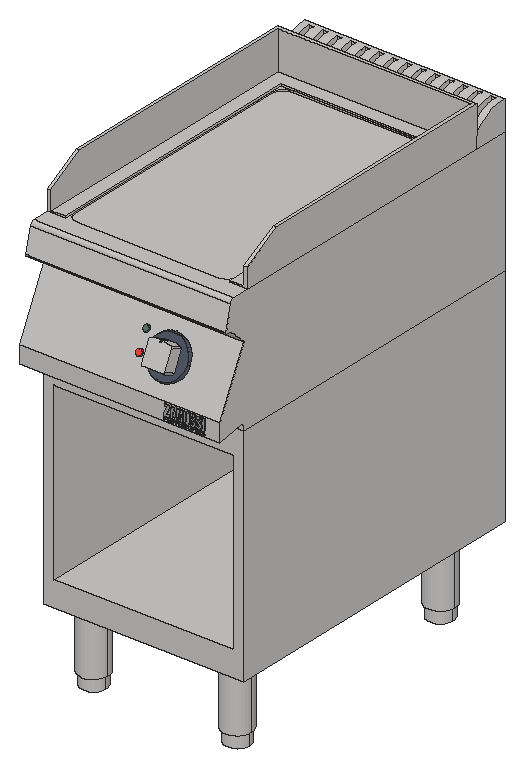
Revit family "QF_ZANUSSI_372338_Z7IIKABLMCA", category Specialty Equipment, Revit 2018
Family settings
  Round Connector Dimension = Use Diameter
  Part Type = Normal
  Work Plane-Based = No
  Always vertical = Yes
  Cut with Voids When Loaded = No
  Shared = No
  Room Calculation Point = No
Parameters (values of type "Standard")
  Weight = 50.00 kg
  Watts = 0 W
  Volts = 0 V
  URL Manufacturer = "http://www.zanussiprofessional.com"
  URL = "http://www.zanussiprofessional.com"
  Steam Supply Size = 0"
  Steam Supply Minimum Pressure = 0.00 psi
  Steam Supply Maximum Pressure = 0.00 psi
  Steam Pounds per Hour = 0
  Show Logo [instance] = yes
  Show Clearance [instance] = yes
  Refrigeration Suction Line Size = 0"
  Refrigeration Liquid Line Size = 0"
  Refrigerant Compressor Remote = yes
  Phase = 0
  Model = "Z7IIKABLMCA"
  Manufacturer = "Zanussi"
  Length Actual = 400.00 mm  # constant formula
  Item Number = "372338"
  Hot Water Size = 0"
  Height Actual = 850.00 mm  # constant formula
  HP = "0 HP"
  Gas Size = 1/2"
  Gas KW = 7
  Gas Input Pressure = 0.234579 Btu/h
  Direct Waste Size = 0"
  Description = "GAS FRY TOP-SMOOTH PLATE+OPEN BASE 400MM-BRUSHED CHROME"
  Depth Actual = 700.00 mm  # constant formula
  Cycle = 0 Hz
  Condensate Return Size = 0"
  Compressed Air Volume = 0 GPM
  Compressed Air Size = 0"
  Compressed Air Pressure = 0.00 psi
  Cold Water Size = 0"
  Assembly Code = ""
  Accessory = yes
Reference planes
  plane 1 "BACK": y = 0
  plane 2: z = 0
  plane 3 "LEFT": x = 0
  plane 4 "RIGHT": x = 400
  plane 5 "FRONT": y = -715
  plane 6 "TOP": z = 288.925
  plane 7 "Center Y": x = 200
  plane 8 "Center X": y = -357.5
  plane 9 "BASE": z = 600
  plane 10 "TOP A": z = 850
  plane 11: y = -597.884
  plane 12: y = -147.637
  plane 13: z = 930
  plane 14: through (-6096, -715, 65.146) normal (0, 0.8956, -0.4448)
  plane 15 "panel": through (-6096, -655.161, 185.641) normal (0, -0.8956, 0.4448)
  plane 16: z = 850
Forms (mm)
  Extrusion 1, solid, material "QF_Finishes_Stainless Steel"
    sketch origin (0, 0, 576) x (0, 1, 0) y (0, 0, 1)
      loop
        line (0, 24) -> (0, 273) -> (-679.358, 273)
        arc (-679.358, 273) -> (-684.643, 270.811) -> (-686.833, 265.526) r 7.474
        line (-686.833, 265.526) -> (-699.884, 220.011)
        arc (-699.884, 220.011) -> (-699.396, 217.379) -> (-697, 216.184) r 3
        line (-697, 216.184) -> (-686.802, 216.184) -> (-654.982, 184.364) -> (-715, 64.508) -> (-715, 29.508) -> (-658.645, 37.428)
        arc (-658.645, 37.428) -> (-656.101, 36.674) -> (-655, 34.259) r 3.2
        line (-655, 34.259) -> (-655, 24) -> (0, 24)
    from 0 to 400
  Extrusion 2, void
    sketch origin (0, -2.381, 850) x (-1, 0, 0) y (0, -1, 0)
      loop
        arc (-60.425, 102.504) -> (-42.464, 109.943) -> (-35.025, 127.904) r 25.4
        line (-35.025, 127.904) -> (-35.025, 617.104)
        arc (-35.025, 617.104) -> (-42.464, 635.064) -> (-60.425, 642.504) r 25.4
        line (-60.425, 642.504) -> (-339.575, 642.504)
        arc (-339.575, 642.504) -> (-357.536, 635.064) -> (-364.975, 617.104) r 25.4
        line (-364.975, 617.104) -> (-364.975, 127.904)
        arc (-364.975, 127.904) -> (-357.536, 109.943) -> (-339.575, 102.504) r 25.4
        line (-339.575, 102.504) -> (-60.425, 102.504)
    from 0 to -3.2
  Extrusion 3, solid, material "QF_Finishes_Clearance", visible <- "Show Clearance", detail levels coarse
    sketch origin (0, 0, 575) x (1, 0, 0) y (0, 1, 0)
      loop
        line (0, -715) -> (0, 0) -> (400, 0) -> (400, -715) -> (500, -715) -> (500, 100) -> (-100, 100) -> (-100, -715) -> (0, -715)
    from -575 to 355
  Extrusion 4, solid, material "QF_Finishes_Stainless Steel"
    sketch origin (0, 0, 576) x (0, 1, 0) y (0, 0, 1)
      loop
        line (0, 274) -> (0, 333.13)
        arc (0, 333.13) -> (-38.824, 324.814) -> (-69.85, 300.038) r 86.548
        line (-69.85, 300.038) -> (-69.85, 274) -> (0, 274)
    from 0 to 400.05
  Extrusion 5, void
    sketch origin (0, 0, 850.638) x (-1, 0, 0) y (0, -1, 0)
      loop
        line (-13.453, 6.761) -> (-13.453, 63.911) -> (-22.749, 63.911) -> (-22.749, 6.761) -> (-13.453, 6.761)
    from 25.4 to 63.5
  Extrusion 6, void
    sketch origin (400.05, 0, 850.638) x (1, 0, 0) y (0, 1, 0)
      loop
        line (-13.503, -6.761) -> (-22.799, -6.761) -> (-22.799, -63.911) -> (-13.503, -63.911) -> (-13.503, -6.761)
    from 25.4 to 63.5
  Extrusion 7, void
    sketch origin (27.988, 0, 850.638) x (-1, 0, 0) y (0, -1, 0)
      loop
        line (-13.453, 6.761) -> (-13.453, 63.911) -> (-22.749, 63.911) -> (-22.749, 6.761) -> (-13.453, 6.761)
    from 25.4 to 63.5
  Extrusion 8, void
    sketch origin (55.977, 0, 850.638) x (-1, 0, 0) y (0, -1, 0)
      loop
        line (-13.453, 6.761) -> (-13.453, 63.911) -> (-22.749, 63.911) -> (-22.749, 6.761) -> (-13.453, 6.761)
    from 25.4 to 63.5
  Extrusion 9, void
    sketch origin (83.965, 0, 850.638) x (-1, 0, 0) y (0, -1, 0)
      loop
        line (-13.428, 6.761) -> (-13.428, 63.911) -> (-22.724, 63.911) -> (-22.724, 6.761) -> (-13.428, 6.761)
    from 25.4 to 63.5
  Extrusion 10, void
    sketch origin (111.953, 0, 850.638) x (-1, 0, 0) y (0, -1, 0)
      loop
        line (-13.428, 6.761) -> (-13.428, 63.911) -> (-22.724, 63.911) -> (-22.724, 6.761) -> (-13.428, 6.761)
    from 25.4 to 63.5
  Extrusion 11, void
    sketch origin (139.942, 0, 850.638) x (-1, 0, 0) y (0, -1, 0)
      loop
        line (-13.428, 6.761) -> (-13.428, 63.911) -> (-22.724, 63.911) -> (-22.724, 6.761) -> (-13.428, 6.761)
    from 25.4 to 63.5
  Extrusion 12, void
    sketch origin (167.93, 0, 850.638) x (-1, 0, 0) y (0, -1, 0)
      loop
        line (-13.428, 6.761) -> (-13.428, 63.911) -> (-22.724, 63.911) -> (-22.724, 6.761) -> (-13.428, 6.761)
    from 25.4 to 63.5
  Extrusion 13, void
    sketch origin (195.918, 0, 850.638) x (-1, 0, 0) y (0, -1, 0)
      loop
        line (-13.428, 6.761) -> (-13.428, 63.911) -> (-22.724, 63.911) -> (-22.724, 6.761) -> (-13.428, 6.761)
    from 25.4 to 63.5
  Extrusion 14, void
    sketch origin (223.907, 0, 850.638) x (-1, 0, 0) y (0, -1, 0)
      loop
        line (-13.428, 6.761) -> (-13.428, 63.911) -> (-22.724, 63.911) -> (-22.724, 6.761) -> (-13.428, 6.761)
    from 25.4 to 63.5
  Extrusion 15, void
    sketch origin (251.895, 0, 850.638) x (-1, 0, 0) y (0, -1, 0)
      loop
        line (-13.428, 6.761) -> (-13.428, 63.911) -> (-22.724, 63.911) -> (-22.724, 6.761) -> (-13.428, 6.761)
    from 25.4 to 63.5
  Extrusion 16, void
    sketch origin (279.884, 0, 850.638) x (-1, 0, 0) y (0, -1, 0)
      loop
        line (-13.403, 6.761) -> (-13.403, 63.911) -> (-22.699, 63.911) -> (-22.699, 6.761) -> (-13.403, 6.761)
    from 25.4 to 63.5
  Extrusion 17, void
    sketch origin (307.872, 0, 850.638) x (-1, 0, 0) y (0, -1, 0)
      loop
        line (-13.403, 6.761) -> (-13.403, 63.911) -> (-22.699, 63.911) -> (-22.699, 6.761) -> (-13.403, 6.761)
    from 25.4 to 63.5
  Extrusion 18, void
    sketch origin (335.86, 0, 850.638) x (-1, 0, 0) y (0, -1, 0)
      loop
        line (-13.403, 6.761) -> (-13.403, 63.911) -> (-22.699, 63.911) -> (-22.699, 6.761) -> (-13.403, 6.761)
    from 25.4 to 63.5
  Sweep 19, solid, material "QF_Finishes_Stainless Steel"
    path origin (0, -2.381, 850) x (-1, 0, 0) y (0, -1, 0)
      loop
        line (-364.975, 642.504) -> (-364.975, 102.504) -> (-35.025, 102.504) -> (-35.025, 642.504)
    profile origin (35.025, -374.885, 850) x (1, 0, 0) y (0, 0, 1)
      loop
        line (-35.025, 0) -> (0, 0) -> (0, 3.175) -> (-28.675, 3.175) -> (-28.675, 80) -> (-35.025, 80) -> (-35.025, 0)
  Extrusion 20, void
    sketch origin (0, -69.86, 850) x (0, 1, 0) y (0, 0, 1)
      loop
        line (-575.025, 40.481) -> (-501.995, 80) -> (-575.025, 80) -> (-575.025, 40.481)
    from 0 to 6.35
  Extrusion 21, void
    sketch origin (400, -644.885, 850) x (0, -1, 0) y (0, 0, 1)
      loop
        line (0, 40.481) -> (0, 80) -> (-73.03, 80) -> (0, 40.481)
    from 0 to 6.35
  Blend 22, solid, material "QF_Finishes_Navy Blue"
    base sketch origin (275, -684.991, 701.574) x (1, 0, 0) y (0, 0.444781, 0.895639)
      loop
        circle (0, 0) r 42.5
    top sketch origin (275, -684.991, 701.574) x (1, 0, 0) y (0, 0.444781, 0.895639)
      loop
        circle (0, 0) r 40.5
    from 0 to 5
  Extrusion 23, solid, material "QF_Finishes_Stainless Steel"
    sketch origin (275, -684.991, 701.574) x (1, 0, 0) y (0, 0.444781, 0.895639)
      loop
        arc (-21.147, 22.789) -> (-22.494, 21.685) -> (-23, 20.019) r 2.997
        line (-23, 20.019) -> (-23, -20.019)
        arc (-23, -20.019) -> (-22.122, -22.138) -> (-20.003, -23.016) r 2.997
        line (-20.003, -23.016) -> (20.003, -23.016)
        arc (20.003, -23.016) -> (22.122, -22.138) -> (23, -20.019) r 2.997
        line (23, -20.019) -> (23, 20.019)
        arc (23, 20.019) -> (22.494, 21.685) -> (21.147, 22.789) r 2.997
        arc (21.147, 22.789) -> (0, 26.984) -> (-21.147, 22.789) r 55.4
    from 10 to 34
  Extrusion 24, solid, material "QF_Plastic-Black-Matte"
    sketch origin (355, -684.991, 701.574) x (0, 0.444781, 0.895639) y (0, -0.895639, 0.444781)
      loop
        line (26.984, 34) -> (26.984, 19) -> (27.984, 19) -> (27.984, 34)
        arc (27.984, 34) -> (27.691, 34.707) -> (26.984, 35) r 1
        line (26.984, 35) -> (23.984, 35) -> (23.984, 34) -> (26.984, 34)
    from -81 to -79
  Extrusion 25, solid, material "QF_Finishes_Red"
    sketch origin (275, -689.439, 692.617) x (1, 0, 0) y (0, 0.444781, 0.895639)
      loop
        circle (-55.001, 0) r 6
    from 0 to 1.6
  Extrusion 26, solid, material "QF_Finishes_Stainless Steel"
    sketch origin (275, -684.991, 701.574) x (1, 0, 0) y (0, 0.444781, 0.895639)
      loop
        line (17.5, 17.5) -> (-17.5, 17.5) -> (-17.5, -17.5) -> (17.5, -17.5) -> (17.5, 17.5)
    from 5 to 10
  Extrusion 27, solid, material "QF_Finishes_DarkGreen"
    sketch origin (275, -671.648, 728.443) x (1, 0, 0) y (0, 0.444781, 0.895639)
      loop
        circle (-55.001, 0) r 6
    from 0 to 1.6
  Extrusion 28, solid, material "QF_Finishes_Stainless Steel"
    sketch origin (-404, 0, 139) x (1, 0, 0) y (0, 1, 0)
      loop
        circle (748, -506) r 10
    from 0 to 10
  Extrusion 29, solid, material "QF_Finishes_Stainless Steel"
    sketch origin (0, 0, 0) x (1, 0, 0) y (0, 1, 0)
      loop
        line (0, 0) -> (0, -655) -> (400, -655) -> (400, 0) -> (0, 0)
    from 149 to 600
  Extrusion 30, void
    sketch origin (418.77, -655, 0) x (1, 0, 0) y (0, 0, -1)
      loop
        line (-398.77, -199) -> (-398.77, -550) -> (-38.77, -550) -> (-38.77, -199) -> (-398.77, -199)
    from 0 to 507.363
Cuts and joins
  Extrusion 2 cuts Extrusion 1
  Extrusion 5, Extrusion 6, Extrusion 7, Extrusion 8, Extrusion 9, Extrusion 10, Extrusion 11, Extrusion 12, Extrusion 13, Extrusion 14, Extrusion 15, Extrusion 16, Extrusion 17, Extrusion 18 cuts Extrusion 4
  Extrusion 20, Extrusion 21 cuts Sweep 19
  Extrusion 30 cuts Extrusion 29
Lines and regions (mm)
  Split face 1
    outline origin (276.664, -684.796, 713.208) x (1, 0, 0) y (0, 0.444781, 0.895639)
      loop
        circle (-34, 0) r 1.5
  Split face 2
    outline origin (273.297, -687.581, 707.6) x (1, 0, 0) y (0, 0.444781, 0.895639)
      loop
        circle (-30.633, -14.752) r 1.5
  Split face 3
    outline origin (276.214, -689.88, 702.97) x (1, 0, 0) y (0, 0.444781, 0.895639)
      loop
        circle (-21.199, -26.582) r 1.5
  Split face 4
    outline origin (282.566, -689.848, 703.034) x (1, 0, 0) y (0, 0.444781, 0.895639)
      loop
        circle (-7.566, -33.148) r 1.5
  Split face 5
    outline origin (287.419, -686.96, 708.85) x (1, 0, 0) y (0, 0.444781, 0.895639)
      loop
        circle (7.566, -33.148) r 1.5
  Split face 6
    outline origin (286.137, -682.319, 718.196) x (1, 0, 0) y (0, 0.444781, 0.895639)
      loop
        circle (21.199, -26.582) r 1.5
  Split face 7
    outline origin (276.5, -678.264, 726.361) x (1, 0, 0) y (0, 0.444781, 0.895639)
      loop
        circle (30.633, -14.752) r 1.5
  Split face 8
    outline origin (260.985, -677.235, 728.433) x (1, 0, 0) y (0, 0.444781, 0.895639)
      loop
        circle (34, 0) r 1.5
  Split face 9
    outline origin (275, -689.469, 703.797) x (1, 0, 0) y (0, 0.444781, 0.895639)
      loop
        circle (0, 33.561) r 1.5
  symbolic lines, style "QF-Clearances", visible <- "Show Clearance", detail levels coarse
    curve 1: line (-100, 100, 850) -> (-100, -715, 850)
    curve 2: line (500, 100, 850) -> (-100, 100, 850)
    curve 3: line (500, -716.377, 850) -> (500, 100, 850)
  symbolic lines
    curve 4: line (0, 0, 850) -> (400, 0, 850)
    curve 5: line (0, -715, 850) -> (0, 0, 850)
    curve 6: line (400, 0, 850) -> (400, -715, 850)
    curve 7: line (35.025, -130.285, 850) -> (35.025, -644.885, 850)
    curve 8: arc (35.025, -619.485, 850) -> (42.464, -637.445, 850) -> (60.425, -644.885, 850) r 25.4
    curve 9: line (0, -644.885, 850) -> (35.025, -644.885, 850)
    curve 10: arc (339.575, -644.885, 850) -> (357.536, -637.445, 850) -> (364.975, -619.485, 850) r 25.4
    curve 11: line (364.975, -644.885, 850) -> (364.975, -130.285, 850)
    curve 12: line (339.575, -104.885, 850) -> (60.425, -104.885, 850)
    curve 13: line (0, -69.85, 850) -> (400, -69.85, 850)
    curve 14: arc (60.425, -104.885, 850) -> (42.464, -112.324, 850) -> (35.025, -130.285, 850) r 25.4
    curve 15: arc (339.575, -104.885, 850) -> (357.536, -112.324, 850) -> (364.975, -130.285, 850) r 25.4
    curve 16: line (6.35, -76.21, 850) -> (6.35, -644.885, 850)
    curve 17: line (6.35, -76.21, 850) -> (393.65, -76.21, 850)
    curve 18: line (393.65, -76.21, 850) -> (393.65, -644.885, 850)
    curve 19: line (13.428, -6.761, 850) -> (22.724, -6.761, 850)
    curve 20: line (13.428, -63.911, 850) -> (13.428, -6.761, 850)
    curve 21: line (22.724, -63.911, 850) -> (13.428, -63.911, 850)
    curve 22: line (22.724, -6.761, 850) -> (22.724, -63.911, 850)
    curve 23: line (41.416, -6.761, 850) -> (50.712, -6.761, 850)
    curve 24: line (41.416, -63.911, 850) -> (41.416, -6.761, 850)
    curve 25: line (50.712, -63.911, 850) -> (41.416, -63.911, 850)
    curve 26: line (50.712, -6.761, 850) -> (50.712, -63.911, 850)
    curve 27: line (69.405, -6.761, 850) -> (78.7, -6.761, 850)
    curve 28: line (69.405, -63.911, 850) -> (69.405, -6.761, 850)
    curve 29: line (78.7, -63.911, 850) -> (69.405, -63.911, 850)
    curve 30: line (78.7, -6.761, 850) -> (78.7, -63.911, 850)
    curve 31: line (97.393, -6.761, 850) -> (106.689, -6.761, 850)
    curve 32: line (97.393, -63.911, 850) -> (97.393, -6.761, 850)
    curve 33: line (106.689, -63.911, 850) -> (97.393, -63.911, 850)
    curve 34: line (106.689, -6.761, 850) -> (106.689, -63.911, 850)
    curve 35: line (125.381, -6.761, 850) -> (134.677, -6.761, 850)
    curve 36: line (125.381, -63.911, 850) -> (125.381, -6.761, 850)
    curve 37: line (134.677, -63.911, 850) -> (125.381, -63.911, 850)
    curve 38: line (134.677, -6.761, 850) -> (134.677, -63.911, 850)
    curve 39: line (153.37, -6.761, 850) -> (162.665, -6.761, 850)
    curve 40: line (153.37, -63.911, 850) -> (153.37, -6.761, 850)
    curve 41: line (162.665, -63.911, 850) -> (153.37, -63.911, 850)
    curve 42: line (162.665, -6.761, 850) -> (162.665, -63.911, 850)
    curve 43: line (181.358, -6.761, 850) -> (190.654, -6.761, 850)
    curve 44: line (181.358, -63.911, 850) -> (181.358, -6.761, 850)
    curve 45: line (190.654, -63.911, 850) -> (181.358, -63.911, 850)
    curve 46: line (190.654, -6.761, 850) -> (190.654, -63.911, 850)
    curve 47: line (209.346, -6.761, 850) -> (218.642, -6.761, 850)
    curve 48: line (209.346, -63.911, 850) -> (209.346, -6.761, 850)
    curve 49: line (218.642, -63.911, 850) -> (209.346, -63.911, 850)
    curve 50: line (218.642, -6.761, 850) -> (218.642, -63.911, 850)
    curve 51: line (237.31, -6.761, 850) -> (246.605, -6.761, 850)
    curve 52: line (237.31, -63.911, 850) -> (237.31, -6.761, 850)
    curve 53: line (246.605, -63.911, 850) -> (237.31, -63.911, 850)
    curve 54: line (246.605, -6.761, 850) -> (246.605, -63.911, 850)
    curve 55: line (265.298, -6.761, 850) -> (274.594, -6.761, 850)
    curve 56: line (265.298, -63.911, 850) -> (265.298, -6.761, 850)
    curve 57: line (274.594, -63.911, 850) -> (265.298, -63.911, 850)
    curve 58: line (274.594, -6.761, 850) -> (274.594, -63.911, 850)
    curve 59: line (293.286, -6.761, 850) -> (302.582, -6.761, 850)
    curve 60: line (293.286, -63.911, 850) -> (293.286, -6.761, 850)
    curve 61: line (302.582, -63.911, 850) -> (293.286, -63.911, 850)
    curve 62: line (302.582, -6.761, 850) -> (302.582, -63.911, 850)
    curve 63: line (321.275, -6.761, 850) -> (330.57, -6.761, 850)
    curve 64: line (321.275, -63.911, 850) -> (321.275, -6.761, 850)
    curve 65: line (330.57, -63.911, 850) -> (321.275, -63.911, 850)
    curve 66: line (330.57, -6.761, 850) -> (330.57, -63.911, 850)
    curve 67: line (349.263, -6.761, 850) -> (358.559, -6.761, 850)
    curve 68: line (349.263, -63.911, 850) -> (349.263, -6.761, 850)
    curve 69: line (358.559, -63.911, 850) -> (349.263, -63.911, 850)
    curve 70: line (358.559, -6.761, 850) -> (358.559, -63.911, 850)
    curve 71: line (377.251, -6.761, 850) -> (386.547, -6.761, 850)
    curve 72: line (377.251, -63.911, 850) -> (377.251, -6.761, 850)
    curve 73: line (386.547, -63.911, 850) -> (377.251, -63.911, 850)
    curve 74: line (386.547, -6.761, 850) -> (386.547, -63.911, 850)
    curve 75: line (364.975, -644.885, 850) -> (400, -644.885, 850)
    curve 76: line (60.425, -644.885, 850) -> (339.575, -644.885, 850)
    curve 77: line (0.05, -700, 0) -> (400, -700, 0)
    curve 78: line (298.025, -700, 0) -> (298.025, -724.347, 0)
    curve 79: arc (298.025, -724.347, 0) -> (297.879, -724.811, 0) -> (297.493, -725.107, 0) r 0.809
    curve 80: arc (297.493, -725.107, 0) -> (296.305, -725.587, 0) -> (295.028, -725.68, 0) r 4.127
    curve 81: arc (298.025, -704.292, 0) -> (303.066, -702.458, 0) -> (307.834, -700, 0) r 42.24
    curve 82: arc (298.025, -706.539, 0) -> (297.523, -705.818, 0) -> (296.726, -705.448, 0) r 1.682
    curve 83: arc (296.726, -705.448, 0) -> (286.423, -703.95, 0) -> (276.025, -703.441, 0) r 109.079
    curve 84: line (276.025, -700, 0) -> (276.025, -705.671, 0)
    curve 85: line (276.025, -705.671, 0) -> (274.025, -705.671, 0)
    curve 86: line (274.025, -705.671, 0) -> (274.025, -700, 0)
    curve 87: line (252.025, -700, 0) -> (252.025, -724.347, 0)
    curve 88: arc (252.025, -724.347, 0) -> (252.171, -724.811, 0) -> (252.557, -725.107, 0) r 0.809
    curve 89: arc (252.557, -725.107, 0) -> (253.745, -725.587, 0) -> (255.022, -725.68, 0) r 4.127
    curve 90: arc (252.025, -704.292, 0) -> (246.984, -702.458, 0) -> (242.216, -700, 0) r 42.24
    curve 91: arc (252.025, -706.539, 0) -> (252.527, -705.818, 0) -> (253.324, -705.448, 0) r 1.682
    curve 92: arc (253.324, -705.448, 0) -> (263.627, -703.95, 0) -> (274.025, -703.441, 0) r 109.079
    curve 93: line (295.028, -725.68, 0) -> (255.022, -725.68, 0)
    curve 94: line (0, -715, 0) -> (252.025, -715, 0)
    curve 95: line (298.025, -715, 0) -> (400, -715, 0)
  symbolic lines, style "QF-Clearances"
    curve 96: line (-100, -715, 0) -> (0, -715, 0)
    curve 97: line (400, -715, 0) -> (500, -715, 0)
Dimensions and locks
  equal spacing: plane 3 "LEFT", plane 7 "Center Y", plane 4 "RIGHT"
  plane 3 "LEFT" to plane 4 "RIGHT" = 400.00 mm
  equal spacing: plane 5 "FRONT", plane 8 "Center X", plane 1 "BACK"
  plane 5 "FRONT" to plane 1 "BACK" = 715.00 mm
  plane 1 "BACK" to plane 5 "FRONT" = 715.00 mm
  Sweep 19 sketch curve to level = 930.00 mm
  plane 10 "TOP A" to plane 9 "BASE" = 250.00 mm  (x2)
  plane 9 "BASE" to level = 600.00 mm
  plane 13 to level = 930.00 mm
  plane 16 to level = 850.00 mm
  nested 3 to plane 3 "LEFT" = 56.00 mm
  nested 4 to nested 3 = 288.00 mm
  cut or joined group of Extrusion 29, Extrusion 30 to Extrusion 3 = 149.00 mm
  plane 16 to cut or joined group of Extrusion 29, Extrusion 30 = 701.00 mm
  aligned and locked: level to plane 2
  aligned and locked: plane 4 "RIGHT" to Extrusion 1
  aligned: plane 6 "TOP" to Extrusion 3
  aligned and locked: plane 13 to Extrusion 3
Automatic sketch dimensions
  plane 1 "BACK" to Extrusion 9 sketch curve = 6.761 mm
  Extrusion 9 sketch curve to plane 7 "Center Y" = 93.311 mm
  Extrusion 9 sketch curve to Extrusion 9 sketch curve = 9.296 mm
  Extrusion 9 sketch curve to Extrusion 9 sketch curve = 57.15 mm
  plane 1 "BACK" to Extrusion 10 sketch curve = 6.761 mm
  Extrusion 10 sketch curve to plane 7 "Center Y" = 65.323 mm
  Extrusion 10 sketch curve to Extrusion 10 sketch curve = 9.296 mm
  Extrusion 10 sketch curve to Extrusion 10 sketch curve = 57.15 mm
  plane 1 "BACK" to Extrusion 11 sketch curve = 6.761 mm
  Extrusion 11 sketch curve to plane 7 "Center Y" = 37.335 mm
  Extrusion 11 sketch curve to Extrusion 11 sketch curve = 9.296 mm
  Extrusion 11 sketch curve to Extrusion 11 sketch curve = 57.15 mm
  Extrusion 12 sketch curve to plane 7 "Center Y" = 9.346 mm
  Extrusion 12 sketch curve to Extrusion 12 sketch curve = 9.296 mm
  plane 1 "BACK" to Extrusion 12 sketch curve = 6.761 mm
  Extrusion 12 sketch curve to Extrusion 12 sketch curve = 57.15 mm
  plane 1 "BACK" to Extrusion 13 sketch curve = 6.761 mm
  plane 7 "Center Y" to Extrusion 13 sketch curve = 18.642 mm
  Extrusion 13 sketch curve to Extrusion 13 sketch curve = 9.296 mm
  Extrusion 13 sketch curve to Extrusion 13 sketch curve = 57.15 mm
  plane 1 "BACK" to Extrusion 14 sketch curve = 6.761 mm
  plane 7 "Center Y" to Extrusion 14 sketch curve = 46.63 mm
  Extrusion 14 sketch curve to Extrusion 14 sketch curve = 9.296 mm
  Extrusion 14 sketch curve to Extrusion 14 sketch curve = 57.15 mm
  plane 1 "BACK" to Extrusion 15 sketch curve = 6.761 mm
  plane 7 "Center Y" to Extrusion 15 sketch curve = 74.619 mm
  Extrusion 15 sketch curve to Extrusion 15 sketch curve = 9.296 mm
  Extrusion 15 sketch curve to Extrusion 15 sketch curve = 57.15 mm
  Extrusion 2 sketch curve to plane 4 "RIGHT" = 35.025 mm
  Extrusion 2 sketch curve to Extrusion 2 sketch curve = 25.40 mm  (x3)
  Extrusion 2 sketch curve to plane 12 = 17.353 mm
  plane 3 "LEFT" to Extrusion 2 sketch curve = 60.425 mm  (x2)
  plane 11 to Extrusion 2 sketch curve = 21.60 mm
  plane 1 "BACK" to Extrusion 3 sketch curve = 0.00 mm
  Extrusion 3 sketch curve to plane 3 "LEFT" = 0.00 mm
  Extrusion 3 sketch curve to plane 4 "RIGHT" = 0.00 mm
  Extrusion 3 sketch curve to plane 3 "LEFT" = 100.00 mm
  plane 5 "FRONT" to Extrusion 3 sketch curve = 0.00 mm  (x2)
  plane 4 "RIGHT" to Extrusion 3 sketch curve = 100.00 mm
  Extrusion 3 sketch curve to plane 1 "BACK" = 100.00 mm
  Extrusion 4 sketch curve to plane 10 "TOP A" = 0.00 mm
  Extrusion 4 sketch curve to plane 1 "BACK" = 0.00 mm
  plane 1 "BACK" to Extrusion 4 sketch curve = 1.769 mm
  plane 6 "TOP" to Extrusion 4 sketch curve = 587.113 mm
  plane 1 "BACK" to Extrusion 4 sketch curve = 69.85 mm
  Extrusion 4 sketch curve to plane 10 "TOP A" = 27.40 mm
  plane 1 "BACK" to Extrusion 5 sketch curve = 6.761 mm
  plane 3 "LEFT" to Extrusion 5 sketch curve = 22.749 mm
  Extrusion 5 sketch curve to Extrusion 5 sketch curve = 9.296 mm
  Extrusion 5 sketch curve to Extrusion 5 sketch curve = 57.15 mm
  Extrusion 6 sketch curve to plane 1 "BACK" = 6.761 mm
  plane 4 "RIGHT" to Extrusion 6 sketch curve = 22.749 mm
  Extrusion 6 sketch curve to Extrusion 6 sketch curve = 9.296 mm
  Extrusion 6 sketch curve to Extrusion 6 sketch curve = 57.15 mm
  plane 1 "BACK" to Extrusion 7 sketch curve = 6.761 mm
  plane 3 "LEFT" to Extrusion 7 sketch curve = 50.737 mm
  Extrusion 7 sketch curve to Extrusion 7 sketch curve = 9.296 mm
  Extrusion 7 sketch curve to Extrusion 7 sketch curve = 57.15 mm
  plane 1 "BACK" to Extrusion 8 sketch curve = 6.761 mm
  plane 3 "LEFT" to Extrusion 8 sketch curve = 78.725 mm
  Extrusion 8 sketch curve to Extrusion 8 sketch curve = 9.296 mm
  Extrusion 8 sketch curve to Extrusion 8 sketch curve = 57.15 mm
  plane 1 "BACK" to Extrusion 16 sketch curve = 6.761 mm
  Extrusion 16 sketch curve to plane 4 "RIGHT" = 97.418 mm
  Extrusion 16 sketch curve to Extrusion 16 sketch curve = 9.296 mm
  Extrusion 16 sketch curve to Extrusion 16 sketch curve = 57.15 mm
  plane 1 "BACK" to Extrusion 17 sketch curve = 6.761 mm
  Extrusion 17 sketch curve to plane 4 "RIGHT" = 69.43 mm
  Extrusion 17 sketch curve to Extrusion 17 sketch curve = 9.296 mm
  Extrusion 17 sketch curve to Extrusion 17 sketch curve = 57.15 mm
  plane 1 "BACK" to Extrusion 18 sketch curve = 6.761 mm
  Extrusion 18 sketch curve to plane 4 "RIGHT" = 41.441 mm
  Extrusion 18 sketch curve to Extrusion 18 sketch curve = 9.296 mm
  Extrusion 18 sketch curve to Extrusion 18 sketch curve = 57.15 mm
  Sweep 19 sketch curve to plane 4 "RIGHT" = 35.025 mm
  plane 3 "LEFT" to Sweep 19 sketch curve = 35.025 mm
  Sweep 19 sketch curve to plane 12 = 42.753 mm
  plane 11 to Sweep 19 sketch curve = 47.00 mm  (x2)
  Extrusion 20 sketch curve to Sweep 19 = 0.00 mm  (x2)
  Extrusion 20 sketch curve to Extrusion 20 sketch curve = 73.03 mm
  Extrusion 20 sketch curve to Sweep 19 = 40.481 mm
  Sweep 19 to Extrusion 21 sketch curve = 0.00 mm
  Extrusion 21 sketch curve to Sweep 19 = 0.00 mm
  Extrusion 21 sketch curve to Extrusion 21 sketch curve = 73.03 mm
  Extrusion 21 sketch curve to Sweep 19 = 40.481 mm
  plane 11 to Extrusion 1 sketch curve = 117.116 mm
  plane 11 to Extrusion 1 sketch curve = 101.999 mm
  Extrusion 1 sketch curve to Extrusion 1 sketch curve = 2.884 mm
  Extrusion 1 sketch curve to Extrusion 1 sketch curve = 13.051 mm
  Extrusion 1 sketch curve to Extrusion 1 sketch curve = 10.198 mm
  Extrusion 1 sketch curve to Extrusion 1 sketch curve = 7.474 mm
  Extrusion 1 sketch curve to Extrusion 1 sketch curve = 56.355 mm
  Extrusion 1 sketch curve to Extrusion 1 sketch curve = 0.445 mm
  Extrusion 1 sketch curve to Extrusion 1 sketch curve = 3.20 mm
  Extrusion 1 sketch curve to plane 13 = 169.636 mm
  Extrusion 1 sketch curve to Extrusion 1 sketch curve = 31.82 mm
  Extrusion 1 sketch curve to plane 10 "TOP A" = 209.492 mm
  Extrusion 1 sketch curve to Extrusion 1 sketch curve = 27.08 mm
  Extrusion 1 sketch curve to Extrusion 1 sketch curve = 35.00 mm
  Extrusion 1 sketch curve to plane 13 = 137.816 mm
  Extrusion 1 sketch curve to Extrusion 1 sketch curve = 3.00 mm
  Extrusion 1 sketch curve to Extrusion 1 sketch curve = 46.342 mm
  plane 3 "LEFT" to Blend 22 sketch curve = 275.00 mm  (x2)
  plane 3 "LEFT" to Extrusion 23 sketch curve = 252.00 mm
  Extrusion 23 sketch curve to Extrusion 23 sketch curve = 2.997 mm  (x3)
  Extrusion 23 sketch curve to Extrusion 23 sketch curve = 20.003 mm  (x2)
  Extrusion 23 sketch curve to Extrusion 23 sketch curve = 40.005 mm
  Extrusion 23 sketch curve to Extrusion 23 sketch curve = 5.399 mm
  Extrusion 23 sketch curve to Extrusion 23 sketch curve = 40.037 mm
  Extrusion 23 sketch curve to Extrusion 23 sketch curve = 0.00 mm  (x2)
  Extrusion 24 sketch curve to plane 14 = 291.194 mm
  Extrusion 24 sketch curve to plane 5 "FRONT" = 9.329 mm
  Extrusion 24 sketch curve to Extrusion 24 sketch curve = 3.00 mm
  Extrusion 24 sketch curve to Extrusion 24 sketch curve = 0.00 mm  (x2)
  Extrusion 24 sketch curve to Extrusion 24 sketch curve = 1.00 mm
  Extrusion 24 sketch curve to Extrusion 24 sketch curve = 15.00 mm
  plane 3 "LEFT" to Extrusion 25 sketch curve = 219.999 mm
  plane 3 "LEFT" to Extrusion 26 sketch curve = 257.50 mm
  Extrusion 26 sketch curve to Extrusion 26 sketch curve = 35.00 mm  (x2)
  plane 3 "LEFT" to Extrusion 27 sketch curve = 219.999 mm
  Extrusion 1 sketch curve to plane 9 "BASE" = 0.00 mm
  Extrusion 1 sketch curve to plane 1 "BACK" = 0.00 mm
  curve 6 to plane 4 "RIGHT" = 0.00 mm
  plane 1 "BACK" to curve 5 = 0.00 mm
  curve 5 to plane 3 "LEFT" = 0.00 mm
  plane 5 "FRONT" to curve 1 = 0.00 mm
  plane 5 "FRONT" to curve 5 = 0.00 mm
  plane 5 "FRONT" to curve 6 = 0.00 mm
  plane 4 "RIGHT" to curve 3 = 100.00 mm
  curve 17 to plane 4 "RIGHT" = 6.35 mm
  curve 74 to plane 4 "RIGHT" = 13.453 mm
  curve 73 to curve 72 = 9.296 mm
  curve 18 to curve 11 = 28.675 mm
  plane 1 "BACK" to curve 67 = 6.761 mm
  curve 71 to curve 67 = 18.693 mm
  curve 69 to curve 68 = 9.296 mm
  curve 11 to curve 15 = 25.40 mm
  curve 11 to curve 76 = 25.40 mm
  curve 68 to curve 66 = 18.693 mm
  curve 65 to curve 64 = 9.296 mm
  curve 64 to curve 62 = 18.693 mm
  curve 61 to curve 60 = 9.296 mm
  curve 60 to curve 58 = 18.693 mm
  curve 57 to curve 56 = 9.296 mm
  curve 56 to curve 54 = 18.693 mm
  curve 53 to curve 52 = 9.296 mm
  plane 7 "Center Y" to curve 50 = 18.642 mm
  curve 47 to curve 48 = 9.296 mm
  curve 46 to plane 7 "Center Y" = 9.346 mm
  curve 45 to curve 45 = 9.296 mm
  curve 44 to curve 42 = 18.693 mm
  curve 41 to curve 40 = 9.296 mm
  plane 1 "BACK" to curve 38 = 6.761 mm
  curve 39 to curve 38 = 18.693 mm
  curve 35 to curve 36 = 9.296 mm
  curve 36 to curve 34 = 18.693 mm
  curve 33 to curve 32 = 9.296 mm
  curve 32 to curve 30 = 18.693 mm
  curve 29 to curve 28 = 9.296 mm
  curve 14 to plane 12 = 17.353 mm
  plane 3 "LEFT" to curve 14 = 60.425 mm
  plane 11 to curve 8 = 21.60 mm
  plane 3 "LEFT" to curve 8 = 60.425 mm
  plane 1 "BACK" to curve 23 = 6.761 mm
  curve 27 to curve 23 = 18.693 mm
  curve 23 to curve 23 = 9.296 mm
  curve 8 to curve 7 = 25.40 mm
  plane 1 "BACK" to curve 22 = 6.761 mm
  curve 23 to curve 22 = 18.693 mm
  curve 19 to curve 20 = 9.296 mm
  plane 3 "LEFT" to curve 17 = 6.35 mm
  curve 2 to plane 3 "LEFT" = 100.00 mm
  curve 2 to plane 1 "BACK" = 100.00 mm
  plane 1 "BACK" to curve 71 = 6.761 mm
  plane 1 "BACK" to curve 66 = 6.761 mm
  plane 1 "BACK" to curve 62 = 6.761 mm
  plane 1 "BACK" to curve 58 = 6.761 mm
  plane 1 "BACK" to curve 54 = 6.761 mm
  plane 1 "BACK" to curve 50 = 6.761 mm
  plane 1 "BACK" to curve 46 = 6.761 mm
  plane 1 "BACK" to curve 42 = 6.761 mm
  plane 1 "BACK" to curve 27 = 6.761 mm
  plane 1 "BACK" to curve 34 = 6.761 mm
  curve 30 to curve 12 = 40.974 mm
  curve 29 to curve 32 = 0.00 mm
  curve 26 to curve 28 = 0.00 mm
  curve 33 to curve 36 = 0.00 mm
  curve 22 to curve 24 = 0.00 mm
  curve 37 to curve 40 = 0.00 mm
  curve 71 to curve 74 = 57.15 mm
  curve 68 to curve 72 = 0.00 mm
  curve 41 to curve 44 = 0.00 mm
  curve 65 to curve 68 = 0.00 mm
  curve 45 to curve 48 = 0.00 mm
  curve 62 to curve 64 = 0.00 mm
  curve 49 to curve 52 = 0.00 mm
  curve 53 to curve 56 = 0.00 mm
  curve 20 to curve 17 = 12.299 mm
  curve 9 to curve 8 = 0.00 mm
  curve 10 to curve 75 = 25.40 mm
  curve 13 to curve 16 = 6.36 mm
  plane 5 "FRONT" to curve 3 = 1.377 mm
  plane 5 "FRONT" to curve 96 = 0.00 mm
  curve 96 to plane 3 "LEFT" = 0.00 mm
  plane 5 "FRONT" to curve 95 = 0.00 mm
  curve 77 to plane 4 "RIGHT" = 0.00 mm
  curve 95 to plane 4 "RIGHT" = 0.00 mm
  plane 5 "FRONT" to curve 87 = 9.347 mm
  plane 7 "Center Y" to curve 87 = 52.025 mm
  curve 87 to curve 88 = 0.809 mm
  curve 91 to curve 91 = 1.583 mm
  curve 88 to curve 89 = 1.846 mm
  curve 88 to curve 93 = 2.189 mm
  curve 87 to curve 90 = 11.892 mm
  curve 85 to plane 5 "FRONT" = 9.329 mm
  curve 91 to curve 85 = 20.417 mm
  plane 7 "Center Y" to curve 92 = 74.156 mm
  curve 92 to curve 83 = 1.738 mm
  curve 85 to curve 84 = 2.00 mm
  curve 90 to curve 81 = 22.215 mm
  curve 84 to curve 93 = 19.003 mm
  curve 93 to curve 80 = 0.343 mm
  curve 80 to curve 82 = 1.071 mm
  curve 93 to curve 79 = 2.189 mm
  curve 79 to curve 78 = 0.809 mm
  plane 5 "FRONT" to curve 79 = 9.347 mm
  curve 93 to curve 88 = 1.333 mm
  curve 83 to curve 80 = 86.839 mm
  curve 92 to curve 83 = 0.00 mm
  curve 79 to curve 80 = 2.779 mm
  curve 88 to curve 89 = 2.779 mm
  curve 91 to plane 5 "FRONT" = 7.894 mm
  curve 82 to plane 5 "FRONT" = 7.894 mm
  curve 85 to curve 90 = 41.91 mm
  curve 90 to curve 81 = 0.00 mm
  curve 96 to plane 3 "LEFT" = 100.00 mm
  plane 3 "LEFT" to curve 77 = 0.05 mm
  curve 90 to curve 87 = 9.809 mm
  curve 91 to curve 91 = 0.284 mm
  curve 82 to curve 82 = 0.284 mm
  curve 78 to curve 81 = 9.809 mm
  plane 4 "RIGHT" to curve 97 = 100.00 mm
  curve 91 to curve 91 = 0.567 mm
  curve 82 to curve 82 = 0.567 mm
  curve 92 to curve 90 = 1.156 mm
  Extrusion 28 sketch curve to plane 8 "Center X" = 148.50 mm
  Extrusion 28 sketch curve to plane 4 "RIGHT" = 56.00 mm
  Extrusion 29 sketch curve to plane 3 "LEFT" = 0.00 mm
  Extrusion 29 sketch curve to plane 4 "RIGHT" = 0.00 mm
  Extrusion 29 sketch curve to plane 5 "FRONT" = 60.00 mm
  plane 1 "BACK" to Extrusion 29 sketch curve = 0.00 mm
  Extrusion 30 sketch curve to Extrusion 29 = 50.00 mm  (x2)
  Extrusion 29 to Extrusion 30 sketch curve = 20.00 mm
  Extrusion 30 sketch curve to Extrusion 29 = 20.00 mm
  Sweep 19 sketch curve to profile plane = 0.00 mm
  profile plane to Sweep 19 sketch curve = 0.00 mm
  profile plane to Sweep 19 sketch curve = 28.675 mm
  Sweep 19 sketch curve to Sweep 19 sketch curve = 6.35 mm
  profile plane to Sweep 19 sketch curve = 3.175 mm
  radius of Blend 22 sketch curve = 42.50 mm
  radius of Blend 22 sketch curve = 40.50 mm
  radius of Extrusion 25 sketch curve = 6.00 mm
  radius of Split face 1 sketch curve = 1.50 mm
  radius of Split face 2 sketch curve = 1.50 mm
  radius of Split face 3 sketch curve = 1.50 mm
  radius of Split face 4 sketch curve = 1.50 mm
  radius of Split face 5 sketch curve = 1.50 mm
  radius of Split face 6 sketch curve = 1.50 mm
  radius of Split face 7 sketch curve = 1.50 mm
  radius of Split face 8 sketch curve = 1.50 mm
  radius of Split face 9 sketch curve = 1.50 mm
  radius of Extrusion 27 sketch curve = 6.00 mm
  radius of Extrusion 28 sketch curve = 10.00 mm
Nested families
  nested 1: "Foot H200" at (56, -91, 0), type "Foot H200"
  nested 2: "Foot H200" at (344, -91, 0) x (-1, 0, 0) z (0, 0, 1), type "Foot H200"
  nested 3: "Foot H200" at (56, -600, 0), type "Foot H200"
  nested 4: "Foot H200" at (344, -600, 0) x (-1, 0, 0) z (0, 0, 1), type "Foot H200"
  nested 5: "ZAN_Logo_S_Grey_Professional" at (331.25, -715, 629) x (1, 0, 0) z (0, -1, 0), type "ZAN_Logo_S_Grey_Professional"
Connectors
  piping at (344, -506, 139), diameter 20
    settings: on Extrusion 28, index 1, connector inside diameter 24", connector length 0.00 mm, flow factor 0, pipe flow 0 GPM, pressure drop 0.00 psi, fitting loss kfactor 0, connector angle 0.00°, fixture units 0, engagement length 0.00 mm, angle of deflection 0.00°, flow configuration 0, flow direction 0, fitting loss method 0, system type 22, joint type 0, gender type 0, connector reference index -1, connector utility 0, adjustable connector no, is connector primary yes, connector description "gas"
Definition of nested family "Foot H200"
  Reference planes
    plane 1 "Centro (Fronte/Retro)": y = 0
    plane 2: z = 0
    plane 3 "Centro (Sinistra/Destra)": x = 0
    plane 4: z = 149
  Forms (mm)
    Revolve 1, solid
      sketch origin (255.05, 0, 608.09) x (0, 0, 1) y (-1, 0, 0)
        loop
          line (-608.09, 255.05) -> (-608.09, 230.05) -> (-583.09, 230.05) -> (-583.09, 226.05) -> (-459.09, 226.05) -> (-459.09, 255.05) -> (-608.09, 255.05)
        axis (-608.09, 255.05) -> (-459.09, 255.05)
      angle from 0 to 360
  Dimensions and locks
    Revolve 1 sketch curve to Revolve 1 sketch curve = 124.00 mm
    plane 4 to level = 149.00 mm
    aligned and locked: level to plane 2
    aligned and locked: plane 4 to Revolve 1 sketch curve
    aligned and locked: Revolve 1 sketch curve to level
    aligned and locked: plane 3 "Centro (Sinistra/Destra)" to Revolve 1 sketch curve
Definition of nested family "ZAN_Logo_S_Grey_Professional"
  Parameters (values of type "ZAN_Logo_S_Grey_Professional")
    Default Elevation = 0.00 mm
    Materiale = none
  Reference planes
    plane 1 "Centro (Fronte/Retro)": y = 0
    plane 2: z = 0
    plane 3 "Centro (Sinistra/Destra)": x = 0
  Forms (mm)
    Extrusion 1, solid
      sketch origin (0, 0, 0) x (1, 0, 0) y (0, 1, 0)
        loop
          line (-1219.2, 1219.2) -> (-1219.2, -1219.2) -> (1219.2, -1219.2) -> (1219.2, 1219.2) -> (-1219.2, 1219.2)
      from 0 to -304.8
    Extrusion 2, solid, material <- "Materiale"
      sketch origin (17.793, -46.218, 0) x (-1, 0, 0) y (0, -1, 0)
        loop
          spline (-1.644, -54.786) -> (-1.034, -55.008) -> (-0.403, -55.173) -> (0.241, -55.279) -> (0.893, -55.327) -> (1.547, -55.314) -> (2.197, -55.242) -> (2.836, -55.109) -> (3.458, -54.916) -> (4.058, -54.662) -> (4.629, -54.345) -> (5.165, -53.967) -> (5.66, -53.526)
          spline (5.66, -53.526) -> (5.954, -53.066) -> (6.206, -52.57) -> (6.417, -52.047) -> (6.588, -51.502) -> (6.718, -50.944) -> (6.809, -50.378) -> (6.86, -49.813) -> (6.872, -49.254) -> (6.846, -48.71) -> (6.782, -48.186) -> (6.68, -47.691) -> (6.541, -47.23)
          line (6.541, -47.23) -> (4.526, -44.334) -> (2.386, -42.445)
          spline (2.386, -42.445) -> (2.16, -42.258) -> (1.927, -42.074) -> (1.689, -41.89) -> (1.448, -41.703) -> (1.207, -41.512) -> (0.969, -41.312) -> (0.736, -41.101) -> (0.511, -40.878) -> (0.296, -40.639) -> (0.095, -40.381) -> (-0.091, -40.103) -> (-0.259, -39.8)
          spline (-0.259, -39.8) -> (-0.29, -39.607) -> (-0.318, -39.405) -> (-0.339, -39.197) -> (-0.352, -38.984) -> (-0.352, -38.771) -> (-0.337, -38.557) -> (-0.304, -38.346) -> (-0.249, -38.14) -> (-0.17, -37.941) -> (-0.063, -37.751) -> (0.074, -37.573) -> (0.245, -37.408)
          line (0.245, -37.408) -> (1.882, -37.282)
          spline (1.882, -37.282) -> (2.188, -37.491) -> (2.42, -37.736) -> (2.586, -38.012) -> (2.698, -38.313) -> (2.765, -38.633) -> (2.795, -38.966) -> (2.799, -39.308) -> (2.787, -39.651) -> (2.767, -39.991) -> (2.751, -40.322) -> (2.746, -40.638) -> (2.763, -40.934)
          line (2.763, -40.934) -> (7.171, -40.934)
          spline (7.171, -40.934) -> (7.223, -40.399) -> (7.252, -39.866) -> (7.257, -39.336) -> (7.236, -38.812) -> (7.187, -38.295) -> (7.108, -37.786) -> (6.997, -37.288) -> (6.854, -36.802) -> (6.675, -36.33) -> (6.46, -35.874) -> (6.206, -35.435) -> (5.912, -35.015)
          spline (5.912, -35.015) -> (5.55, -34.687) -> (5.16, -34.396) -> (4.745, -34.14) -> (4.307, -33.92) -> (3.85, -33.734) -> (3.377, -33.583) -> (2.891, -33.466) -> (2.395, -33.383) -> (1.892, -33.333) -> (1.385, -33.316) -> (0.877, -33.331) -> (0.371, -33.378)
          spline (0.371, -33.378) -> (-0.163, -33.462) -> (-0.693, -33.587) -> (-1.213, -33.752) -> (-1.718, -33.957) -> (-2.205, -34.2) -> (-2.667, -34.48) -> (-3.1, -34.798) -> (-3.5, -35.151) -> (-3.861, -35.539) -> (-4.179, -35.961) -> (-4.449, -36.417) -> (-4.666, -36.904)
          spline (-4.666, -36.904) -> (-4.8, -37.505) -> (-4.888, -38.107) -> (-4.93, -38.709) -> (-4.927, -39.306) -> (-4.881, -39.897) -> (-4.792, -40.477) -> (-4.661, -41.045) -> (-4.489, -41.596) -> (-4.276, -42.128) -> (-4.025, -42.638) -> (-3.735, -43.122) -> (-3.407, -43.578)
          line (-3.407, -43.578) -> (1.63, -48.112) -> (2.26, -48.867)
          spline (2.26, -48.867) -> (2.325, -49.027) -> (2.392, -49.191) -> (2.459, -49.359) -> (2.521, -49.529) -> (2.576, -49.702) -> (2.622, -49.874) -> (2.654, -50.047) -> (2.67, -50.22) -> (2.667, -50.39) -> (2.642, -50.558) -> (2.591, -50.722) -> (2.512, -50.882)
          spline (2.512, -50.882) -> (2.439, -51.029) -> (2.347, -51.157) -> (2.24, -51.266) -> (2.12, -51.358) -> (1.989, -51.434) -> (1.851, -51.496) -> (1.707, -51.545) -> (1.56, -51.582) -> (1.414, -51.608) -> (1.27, -51.625) -> (1.131, -51.635) -> (1.001, -51.638)
          line (1.001, -51.638) -> (-0.259, -50.756) -> (-0.385, -48.112) -> (-4.54, -48.112)
          spline (-4.54, -48.112) -> (-4.545, -48.463) -> (-4.556, -48.822) -> (-4.572, -49.188) -> (-4.587, -49.557) -> (-4.598, -49.929) -> (-4.603, -50.3) -> (-4.597, -50.668) -> (-4.577, -51.031) -> (-4.54, -51.388) -> (-4.482, -51.735) -> (-4.399, -52.071) -> (-4.288, -52.393)
          spline (-4.288, -52.393) -> (-4.176, -52.644) -> (-4.031, -52.894) -> (-3.857, -53.139) -> (-3.659, -53.377) -> (-3.439, -53.607) -> (-3.202, -53.825) -> (-2.952, -54.031) -> (-2.693, -54.221) -> (-2.429, -54.394) -> (-2.163, -54.547) -> (-1.9, -54.678) -> (-1.644, -54.786)
        loop
          spline (-16.755, -52.519) -> (-16.407, -53.083) -> (-15.998, -53.58) -> (-15.535, -54.012) -> (-15.024, -54.38) -> (-14.474, -54.684) -> (-13.89, -54.927) -> (-13.28, -55.11) -> (-12.651, -55.233) -> (-12.009, -55.299) -> (-11.362, -55.308) -> (-10.717, -55.263) -> (-10.081, -55.163)
          spline (-10.081, -55.163) -> (-9.638, -55.08) -> (-9.196, -54.956) -> (-8.761, -54.793) -> (-8.336, -54.594) -> (-7.93, -54.36) -> (-7.547, -54.093) -> (-7.192, -53.794) -> (-6.872, -53.466) -> (-6.592, -53.109) -> (-6.358, -52.726) -> (-6.176, -52.319) -> (-6.051, -51.889)
          spline (-6.051, -51.889) -> (-5.857, -51.316) -> (-5.715, -50.731) -> (-5.626, -50.14) -> (-5.589, -49.548) -> (-5.605, -48.959) -> (-5.673, -48.379) -> (-5.794, -47.812) -> (-5.967, -47.263) -> (-6.193, -46.736) -> (-6.471, -46.237) -> (-6.802, -45.771) -> (-7.185, -45.341)
          line (-7.185, -45.341) -> (-11.844, -41.186) -> (-12.851, -39.675)
          spline (-12.851, -39.675) -> (-12.882, -39.483) -> (-12.91, -39.288) -> (-12.934, -39.09) -> (-12.949, -38.891) -> (-12.954, -38.692) -> (-12.946, -38.494) -> (-12.921, -38.299) -> (-12.879, -38.108) -> (-12.816, -37.922) -> (-12.729, -37.742) -> (-12.615, -37.57) -> (-12.473, -37.408)
          line (-12.473, -37.408) -> (-11.214, -37.156)
          spline (-11.214, -37.156) -> (-10.768, -37.262) -> (-10.429, -37.445) -> (-10.183, -37.695) -> (-10.015, -38) -> (-9.912, -38.349) -> (-9.86, -38.73) -> (-9.845, -39.132) -> (-9.852, -39.544) -> (-9.868, -39.954) -> (-9.879, -40.351) -> (-9.871, -40.723) -> (-9.829, -41.06)
          line (-9.829, -41.06) -> (-5.422, -40.934)
          spline (-5.422, -40.934) -> (-5.367, -40.392) -> (-5.333, -39.839) -> (-5.323, -39.279) -> (-5.342, -38.719) -> (-5.395, -38.162) -> (-5.485, -37.613) -> (-5.616, -37.077) -> (-5.795, -36.559) -> (-6.024, -36.064) -> (-6.308, -35.597) -> (-6.651, -35.162) -> (-7.059, -34.764)
          spline (-7.059, -34.764) -> (-7.58, -34.383) -> (-8.132, -34.06) -> (-8.711, -33.794) -> (-9.311, -33.584) -> (-9.927, -33.43) -> (-10.553, -33.331) -> (-11.184, -33.288) -> (-11.816, -33.299) -> (-12.442, -33.365) -> (-13.057, -33.484) -> (-13.657, -33.657) -> (-14.236, -33.882)
          spline (-14.236, -33.882) -> (-14.49, -33.99) -> (-14.747, -34.121) -> (-15.006, -34.276) -> (-15.262, -34.451) -> (-15.515, -34.646) -> (-15.763, -34.858) -> (-16.003, -35.086) -> (-16.232, -35.328) -> (-16.45, -35.582) -> (-16.653, -35.847) -> (-16.839, -36.12) -> (-17.007, -36.401)
          spline (-17.007, -36.401) -> (-17.229, -37.006) -> (-17.395, -37.624) -> (-17.502, -38.25) -> (-17.552, -38.882) -> (-17.544, -39.515) -> (-17.479, -40.147) -> (-17.355, -40.773) -> (-17.174, -41.391) -> (-16.936, -41.996) -> (-16.639, -42.586) -> (-16.285, -43.157) -> (-15.873, -43.704)
          line (-15.873, -43.704) -> (-10.584, -48.489) -> (-9.955, -50.126) -> (-10.459, -51.386) -> (-11.592, -51.638) -> (-12.851, -50.756) -> (-12.977, -48.238) -> (-17.258, -48.112)
          spline (-17.258, -48.112) -> (-17.236, -48.492) -> (-17.23, -48.875) -> (-17.233, -49.261) -> (-17.24, -49.646) -> (-17.245, -50.03) -> (-17.243, -50.41) -> (-17.227, -50.785) -> (-17.193, -51.152) -> (-17.134, -51.512) -> (-17.046, -51.86) -> (-16.921, -52.196) -> (-16.755, -52.519)
        loop
          line (-18.014, -33.378) -> (-22.421, -33.378) -> (-22.421, -54.911) -> (-18.014, -54.911) -> (-18.014, -33.378)
        loop
          line (14.852, -38.541) -> (14.852, -54.911) -> (19.259, -54.911) -> (19.259, -40.43) -> (19.008, -36.904) -> (18.63, -36.023) -> (17.748, -34.89) -> (16.867, -34.26) -> (15.104, -33.504) -> (14.223, -33.378) -> (12.208, -33.378) -> (11.2, -33.63) -> (9.689, -34.512) -> (7.926, -37.03) -> (7.8, -37.912) -> (7.8, -54.911) -> (12.208, -54.911) -> (12.208, -38.919) -> (12.711, -37.786) -> (14.097, -37.66) -> (14.852, -38.541)
        loop
          line (20.267, -54.911) -> (24.296, -54.911) -> (24.296, -41.186) -> (27.948, -54.911) -> (32.607, -54.911) -> (32.607, -33.378) -> (28.704, -33.378) -> (28.704, -47.608) -> (25.052, -33.378) -> (20.267, -33.378) -> (20.267, -54.911)
        loop
          line (47.089, -54.911) -> (58.044, -54.911) -> (58.044, -50.882) -> (52.251, -51.008) -> (58.548, -37.786) -> (58.548, -33.378) -> (47.089, -33.378) -> (47.089, -37.786) -> (53.698, -37.786) -> (47.089, -51.26) -> (47.089, -54.911)
        loop
          line (36.889, -54.911) -> (42.933, -54.911) -> (46.837, -33.378) -> (42.303, -33.378) -> (41.674, -37.534) -> (38.022, -37.534) -> (37.392, -33.378) -> (32.859, -33.378) -> (36.889, -54.911)
        loop
          line (41.17, -41.438) -> (38.652, -41.438) -> (39.911, -51.231) -> (41.17, -41.438)
        loop
          line (57.627, -27.599) -> (56.511, -27.599)
          arc (56.511, -27.599) -> (55.334, -29.219) -> (56.822, -30.559) r 1.496
          line (56.822, -30.559) -> (58.548, -30.559) -> (58.548, -26.082) -> (57.627, -26.082) -> (57.627, -27.599)
        loop
          line (57.627, -29.713) -> (57.627, -28.464) -> (56.699, -28.464)
          arc (56.699, -28.464) -> (56.24, -29.089) -> (56.699, -29.713) r 0.654
          line (56.699, -29.713) -> (57.627, -29.713)
        loop
          line (50.633, -27.625) -> (49.682, -27.625) -> (48.755, -26.082) -> (47.711, -26.082) -> (48.871, -27.993)
          arc (48.871, -27.993) -> (48.433, -29.601) -> (49.798, -30.559) r 1.45
          line (49.798, -30.559) -> (51.553, -30.559) -> (51.553, -26.082) -> (50.633, -26.082) -> (50.633, -27.625)
        loop
          line (50.633, -29.713) -> (50.633, -28.464) -> (49.705, -28.464)
          arc (49.705, -28.464) -> (49.245, -29.089) -> (49.705, -29.713) r 0.654
          line (49.705, -29.713) -> (50.633, -29.713)
        loop
          line (36.111, -26.082) -> (35.19, -26.082) -> (35.19, -27.797) -> (33.505, -27.797) -> (33.505, -28.718) -> (35.19, -28.718) -> (35.19, -29.639) -> (33.344, -29.639) -> (33.344, -30.559) -> (36.111, -30.559) -> (36.111, -26.082)
        loop
          line (29.546, -26.082) -> (26.666, -26.082) -> (26.666, -27.002) -> (28.626, -27.002) -> (28.626, -27.797) -> (26.835, -27.797) -> (26.835, -28.718) -> (28.626, -28.718) -> (28.626, -29.639) -> (26.71, -29.639) -> (26.71, -30.559) -> (29.546, -30.559) -> (29.546, -26.082)
        loop
          line (9.21, -26.082) -> (8.289, -26.082) -> (8.289, -30.559) -> (9.21, -30.559) -> (9.21, -26.082)
        loop
          line (-5.024, -26.082) -> (-5.024, -28.898) -> (-7.072, -26.082) -> (-7.993, -26.082) -> (-7.993, -30.559) -> (-7.037, -30.559) -> (-7.037, -27.659) -> (-4.989, -30.559) -> (-4.069, -30.559) -> (-4.069, -26.082) -> (-5.024, -26.082)
        loop
          line (-11.621, -26.082) -> (-12.61, -26.082) -> (-13.045, -27.048) -> (-14.702, -27.048) -> (-15.137, -26.082) -> (-16.125, -26.082) -> (-14.375, -30.558) -> (-13.454, -30.558) -> (-11.621, -26.082)
        loop
          line (-19.779, -26.082) -> (-22.421, -26.082) -> (-22.421, -27.002) -> (-20.7, -27.002) -> (-20.7, -30.559) -> (-19.779, -30.559) -> (-19.779, -26.082)
        loop
          line (-13.875, -29.102) -> (-13.395, -27.931) -> (-14.333, -27.931) -> (-13.875, -29.102)
        loop
          circle (2.094, -28.293) r 1.482
        loop
          circle (2.094, -28.293) r 2.376
        loop
          arc (16.413, -27.085) -> (15.386, -26.141) -> (13.991, -26.107) r 1.985
          arc (13.991, -26.107) -> (13.047, -26.998) -> (13.375, -28.254) r 1.274
          arc (13.375, -28.254) -> (14.04, -28.662) -> (14.749, -28.985) r 6.355
          arc (14.749, -28.985) -> (15.14, -29.579) -> (14.494, -29.876) r 0.469
          arc (14.494, -29.876) -> (14.107, -29.64) -> (13.784, -29.321) r 1.958
          line (13.784, -29.321) -> (12.995, -29.795)
          arc (12.995, -29.795) -> (13.493, -30.326) -> (14.109, -30.712) r 2.834
          arc (14.109, -30.712) -> (16.031, -29.813) -> (14.826, -28.067) r 1.389
          spline (14.826, -28.067) -> (14.485, -27.906) -> (14.237, -27.756) -> (14.069, -27.617) -> (13.971, -27.49) -> (13.931, -27.375) -> (13.937, -27.273) -> (13.977, -27.185) -> (14.041, -27.112) -> (14.116, -27.053) -> (14.191, -27.011) -> (14.254, -26.985) -> (14.293, -26.976)
          arc (14.293, -26.976) -> (15.035, -26.992) -> (15.586, -27.489) r 1.064
          line (15.586, -27.489) -> (16.413, -27.085)
        loop
          arc (23.156, -27.085) -> (22.129, -26.141) -> (20.734, -26.107) r 1.985
          arc (20.734, -26.107) -> (19.79, -26.998) -> (20.118, -28.254) r 1.274
          arc (20.118, -28.254) -> (20.783, -28.662) -> (21.492, -28.985) r 6.355
          arc (21.492, -28.985) -> (21.883, -29.579) -> (21.237, -29.876) r 0.469
          arc (21.237, -29.876) -> (20.849, -29.64) -> (20.527, -29.321) r 1.958
          line (20.527, -29.321) -> (19.738, -29.795)
          arc (19.738, -29.795) -> (20.236, -30.326) -> (20.852, -30.712) r 2.834
          arc (20.852, -30.712) -> (22.774, -29.813) -> (21.568, -28.067) r 1.389
          spline (21.568, -28.067) -> (21.228, -27.906) -> (20.979, -27.756) -> (20.812, -27.617) -> (20.714, -27.49) -> (20.674, -27.375) -> (20.68, -27.273) -> (20.72, -27.185) -> (20.784, -27.112) -> (20.859, -27.053) -> (20.933, -27.011) -> (20.996, -26.985) -> (21.036, -26.976)
          arc (21.036, -26.976) -> (21.778, -26.992) -> (22.329, -27.489) r 1.064
          line (22.329, -27.489) -> (23.156, -27.085)
        loop
          circle (42.369, -28.293) r 1.482
        loop
          circle (42.369, -28.293) r 2.376
      from 0 to 1.644
  Dimensions and locks
    aligned and locked: plane 2 to Extrusion 1
    aligned and locked: level to Extrusion 1
